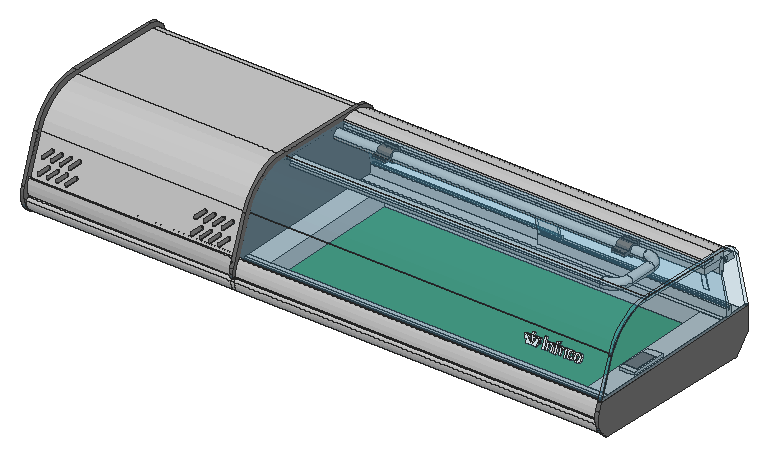
Revit family "QF_INFRICO_VSU4P_250815034131", category Specialty Equipment, Revit 2021
Family settings
  Round Connector Dimension = Use Diameter
  Part Type = Normal
  OmniClass Number = 23.40.40.14
  OmniClass Title = Food Service Equipment
  Work Plane-Based = No
  Always vertical = Yes
  Cut with Voids When Loaded = No
  Shared = No
  Room Calculation Point = No
Parameters (values of type "VSU4P")
  Weight [instance] = 0.00 kg
  Warranty Start Date [instance] = ""
  Warranty Duration [instance] = ""
  Volts [instance] = 230 V
  Volt Free Conn [instance] = no
  URL Recommended Spares List [instance] = ""
  URL Manufacturer [instance] = ""
  URL Cutsheet [instance] = ""
  URL Critical Spares List [instance] = ""
  URL = "www.infrico.com"
  Technical Documentation [instance] = ""
  Tag Number [instance] = ""
  Status [instance] = ""
  Start Up Current [instance] = 0 A
  Specification by User [instance] = ""
  Specification by Manufacturer [instance] = ""
  Sound Level [instance] = ""
  Show Logo [instance] = yes
  Show Clearances [instance] = yes
  Service Life Duration [instance] = ""
  Serial Number [instance] = ""
  Seismic Rating [instance] = ""
  SMACNA No [instance] = ""
  Revision Code [instance] = ""
  Revision [instance] = ""
  Production Year [instance] = ""
  Potential Equalisation [instance] = no
  Point Load [instance] = 0
  Phase [instance] = 1
  Other Equipment Approvals [instance] = ""
  Operational Current [instance] = 0 A
  Number of Poles [instance] = 2
  No Load Power Draw [instance] = no
  NAFEM Spec ID Number [instance] = ""
  Model Warning [instance] = ""
  Model = "VSU4P"
  Min Ckt Ampacity [instance] = 0 A
  Max Overcurrent Protection [instance] = 0 A
  Masterspec [instance] = ""
  Manufacturer = "INFRICO"
  Main switch integrated [instance] = no
  Length Actual [instance] = 1267.968 mm
  Item Number [instance] = ""
  Installed By [instance] = ""
  Installation Date [instance] = ""
  Identify Quantity as Lot [instance] = no
  ID [instance] = ""
  Hygiene Approval [instance] = ""
  Height Actual [instance] = 230.124 mm
  HP power [instance] = ""
  Furnished By [instance] = ""
  Foodservice Equipment Identifier [instance] = no
  FL Amps [instance] = 0 A
  Electrical Remarks [instance] = ""
  Electric power [instance] = 130 W
  Electric Connection Type [instance] = ""
  Elec Conn RI Height [instance] = 0 mm
  Elec Conn Connection Height [instance] = 0 mm
  ETL Approved [instance] = no
  Description = "SUSHI FISH AND SEAFOOD DISPLAY CASE - R600"
  Depth Actual [instance] = 409.956 mm
  Default Elevation = 0 mm
  Cycle [instance] = 50 Hz
  Cost = 0
  Connection to energy optimisation system [instance] = yes
  Conn Plug [instance] = ""
  Conn Conduit [instance] = no
  Centralized building control system with digital interface [instance] = ""
  CSI MasterFormat [instance] = ""
  CE Approved [instance] = no
  Barcode [instance] = 0
  Author [instance] = ""
  Asset Identifier [instance] = ""
  Apparent Power [instance] = 130 VA
  Accessory [instance] = no
Reference planes
  plane 1 "Center (Front/Back)": y = 0
  plane 2: z = 0
  plane 3 "Center (Left/Right)": x = 0
Forms (mm)
  Extrusion 1, solid, not visible
    sketch origin (1238.06, -69.503, 10) x (1, 0, 0) y (0, 1, 0)
      loop
        line (-2, 2) -> (-2, -2) -> (2, -2) -> (2, 2) -> (-2, 2)
    from -2 to 2
Dimensions and locks
  locked: nested 2 to Extrusion 1 at 2  (x2)
  aligned and locked: level to plane 2
Nested families
  nested 1: "QF_INFRICO_VSU4P_2920" at (0, 0, 0), type "VSU4P"
    with Weight 0.00 kg, Warranty Start Date "", Warranty Duration "", URL Cutsheet "", Technical Documentation "", Tag Number "", Status "", Specification by User "", Specification by Manufacturer "", Sound Level "", Solid Fuel Type "", Show Logo yes, Show Clearances yes, Show Clearance yes, Service Life Duration "", Serial Number "", Seismic Rating "", SMACNA No "", Revision Code "", Revision "", Production Year "", Point Load 0, Other Equipment Approvals "", NAFEM Spec ID Number "", Model Warning "", Masterspec "", Length Actual 1267.968 mm, Item Number "", Installed By "", Installation Date "", Identify Quantity as Lot yes, ID "", Hygiene Approval "", Height Actual 230.124 mm, Furnished By "", Foodservice Equipment Identifier yes, ETL Approved yes, Depth Actual 409.956 mm, CSI MasterFormat "", CE Approved no, Barcode "", Author "", Asset Identifier "", Accessory no
  nested 2: "CONN_POINT_ELE_2D___Generic_Annotation" at (1238.06, -69.503, 8), type "CONN_POINT_ELE_2D___Generic_Annotation"
    with Onboard connection annotation symbol visibility yes
Connectors
  electrical at (1238.06, -69.503, 8), driven by "Apparent Power", driven by "Number of Poles", driven by "Volts"
    settings: on Extrusion 1, index 1, voltage 230 V, apparent load 0 VA, apparent load phase1 130 VA, apparent load phase2 0 VA, apparent load phase3 0 VA, power factor 1, load classification "Other", number of poles 2, system type 31, power factor state 1, is connector primary yes, connector utility no, sub classification motor no, connector description "Electrical connection for VSU4P"
Definition of nested family "QF_INFRICO_VSU4P_2920"
  Parameters (values of type "VSU4P")
    Weight [instance] = 0.00 kg
    Warranty Start Date [instance] = ""
    Warranty Duration [instance] = ""
    URL Cutsheet [instance] = ""
    URL = "www.infrico.com"
    Technical Documentation [instance] = ""
    Tag Number [instance] = ""
    Status [instance] = ""
    Specification by User [instance] = ""
    Specification by Manufacturer [instance] = ""
    Sound Level [instance] = ""
    Solid Fuel Type [instance] = ""
    Show Logo [instance] = yes
    Show Clearances [instance] = yes
    Show Clearance [instance] = yes
    Service Life Duration [instance] = ""
    Serial Number [instance] = ""
    Seismic Rating [instance] = ""
    SMACNA No [instance] = ""
    Revision Code [instance] = ""
    Revision [instance] = ""
    Production Year [instance] = ""
    Point Load [instance] = 0
    Other Equipment Approvals [instance] = ""
    NAFEM Spec ID Number [instance] = ""
    Model Warning [instance] = ""
    Model = "VSU4P"
    Masterspec [instance] = ""
    Manufacturer = "INFRICO"
    Length Actual [instance] = 0 mm
    Item Number [instance] = ""
    Installed By [instance] = ""
    Installation Date [instance] = ""
    Identify Quantity as Lot [instance] = yes
    ID [instance] = ""
    Hygiene Approval [instance] = ""
    Height Actual [instance] = 0 mm
    Furnished By [instance] = ""
    Foodservice Equipment Identifier [instance] = yes
    ETL Approved [instance] = yes
    Description = "SUSHI FISH AND SEAFOOD DISPLAY CASE - R600"
    Depth Actual [instance] = 0 mm
    Default Elevation = 0 mm
    CSI MasterFormat [instance] = ""
    CE Approved [instance] = yes
    Barcode [instance] = ""
    Author [instance] = ""
    Asset Identifier [instance] = ""
    Assembly Code = "E1090320"
    Accessory [instance] = yes
  Reference planes
    plane 1 "Back": y = 0
    plane 2: z = 0
    plane 3 "Left": x = 0
    plane 4 "Right": x = 1268
    plane 5 "Front": y = -410
    plane 6 "Top": z = 230
  Forms (mm)
    Extrusion 1, solid
      sketch origin (0, 0, 0) x (0, 1, 0) y (0, 0, 1)
        loop
          arc (-36, 5) -> (-33.764, 5.528) -> (-32, 7) r 5
          line (-32, 7) -> (-1, 42)
          arc (-1, 42) -> (-0.257, 43.419) -> (0, 45) r 5
          line (0, 45) -> (0, 93) -> (-25, 203)
          arc (-25, 203) -> (-37.292, 222.429) -> (-59, 230) r 34.907
          line (-59, 230) -> (-266.176, 230)
          arc (-266.176, 230) -> (-331.51, 209.383) -> (-373.176, 155) r 113.827
          line (-373.176, 155) -> (-407.176, 61)
          arc (-407.176, 61) -> (-407.489, 29.671) -> (-388.176, 5) r 47.366
          line (-388.176, 5) -> (-36, 5)
      from 0 to 8
    Extrusion 2, solid
      sketch origin (458, 0, 0) x (0, 1, 0) y (0, 0, 1)
        loop
          line (-59, 230) -> (-266.176, 230)
          arc (-266.176, 230) -> (-331.51, 209.383) -> (-373.176, 155) r 113.827
          line (-373.176, 155) -> (-407.176, 61)
          arc (-407.176, 61) -> (-408.779, 55.576) -> (-409.723, 50) r 47.366
          arc (-409.723, 50) -> (-407.199, 42.249) -> (-399.723, 39) r 9.929
          line (-399.723, 39) -> (-362.091, 39) -> (-362.091, 5) -> (-95.091, 5) -> (-95.091, 78) -> (-58.091, 78) -> (-58.091, 85) -> (-4.091, 85) -> (-4.091, 111) -> (-25, 203)
          arc (-25, 203) -> (-37.292, 222.429) -> (-59, 230) r 34.907
      from 0 to 8
    Extrusion 3, solid
      sketch origin (0, 0, 0) x (0, 1, 0) y (0, 0, 1)
        loop
          line (-59, 221) -> (-266.176, 221)
          arc (-266.176, 221) -> (-326.388, 201.982) -> (-364.752, 151.829) r 104.827
          line (-364.752, 151.829) -> (-398, 59.909) -> (-396.119, 59.228) -> (-389.691, 77) -> (-387.723, 77) -> (-384.723, 74) -> (-379.723, 74) -> (-379.723, 49)
          arc (-379.723, 49) -> (-382.652, 41.929) -> (-389.723, 39) r 10
          line (-389.723, 39) -> (-399.723, 39)
          arc (-399.723, 39) -> (-403.098, 36.729) -> (-404.723, 33) r 7.268
          arc (-404.723, 33) -> (-399.374, 15.527) -> (-382.723, 8) r 22.18
          line (-382.723, 8) -> (-36.98, 8) -> (-4.091, 45) -> (-4.091, 85) -> (-20, 85) -> (-20, 154) -> (-30, 197)
          arc (-30, 197) -> (-40.178, 214.222) -> (-59, 221) r 29.521
      from 8 to 458
    Extrusion 4, solid
      sketch origin (0, 0, 0) x (0, 1, 0) y (0, 0, 1)
        loop
          line (-398, 77) -> (-399, 77)
          arc (-399, 77) -> (-399.594, 76.594) -> (-400, 76) r 1.947
          arc (-400, 76) -> (-402, 59) -> (-400, 42) r 73.25
          line (-400, 42) -> (-398, 42) -> (-398, 49) -> (-390, 49) -> (-390, 42) -> (-388, 42) -> (-388, 77) -> (-389, 77) -> (-390, 76) -> (-390, 57) -> (-398, 57) -> (-398, 77)
      from 8 to 458
    Extrusion 5, solid
      sketch origin (0, 0, 0) x (0, 1, 0) y (0, 0, 1)
        loop
          arc (-404.723, 33) -> (-399.374, 15.527) -> (-382.723, 8) r 22.18
          line (-382.723, 8) -> (-382.723, 10)
          arc (-382.723, 10) -> (-397.873, 16.849) -> (-402.74, 32.746) r 20.18
          arc (-402.74, 32.746) -> (-401.652, 35.337) -> (-399.386, 37) r 5.268
          line (-399.386, 37) -> (-389.723, 37)
          arc (-389.723, 37) -> (-381.238, 40.515) -> (-377.723, 49) r 12
          line (-377.723, 49) -> (-377.723, 72) -> (-369.723, 72) -> (-369.723, 63) -> (-367.723, 63) -> (-367.723, 74) -> (-379.723, 74) -> (-379.723, 49)
          arc (-379.723, 49) -> (-382.652, 41.929) -> (-389.723, 39) r 10
          line (-389.723, 39) -> (-399.723, 39)
          arc (-399.723, 39) -> (-403.098, 36.729) -> (-404.723, 33) r 7.268
      from 466 to 1260
    Extrusion 6, solid
      sketch origin (-8, 0, 0) x (0, 1, 0) y (0, 0, 1)
        loop
          arc (-404.723, 33) -> (-399.374, 15.527) -> (-382.723, 8) r 22.18
          line (-382.723, 8) -> (-382.723, 10)
          arc (-382.723, 10) -> (-397.873, 16.849) -> (-402.74, 32.746) r 20.18
          arc (-402.74, 32.746) -> (-401.652, 35.337) -> (-399.386, 37) r 5.268
          line (-399.386, 37) -> (-389.723, 37) -> (-389.723, 39) -> (-399.723, 39)
          arc (-399.723, 39) -> (-403.098, 36.729) -> (-404.723, 33) r 7.268
      from 466 to 474
    Extrusion 7, solid
      sketch origin (0, 0, 0) x (0, 1, 0) y (0, 0, 1)
        loop
          line (-379.723, 66) -> (-382.723, 66) -> (-382.723, 49)
          arc (-382.723, 49) -> (-384.774, 44.05) -> (-389.723, 42) r 7
          line (-389.723, 42) -> (-391.565, 51.238) -> (-383.884, 72.475) -> (-385.765, 73.155) -> (-392.568, 54.348) -> (-399.15, 56.729) -> (-392.346, 75.541) -> (-393.131, 76.133)
          arc (-393.131, 76.133) -> (-393.871, 76.325) -> (-394.531, 75.937) r 1
          arc (-394.531, 75.937) -> (-402.595, 60.751) -> (-405.533, 43.81) r 54.562
          line (-405.533, 43.81) -> (-404.723, 43) -> (-398.723, 43) -> (-397.723, 39) -> (-389.723, 39)
          arc (-389.723, 39) -> (-382.652, 41.929) -> (-379.723, 49) r 10
          line (-379.723, 49) -> (-379.723, 66)
      from 466 to 1260
    Extrusion 8, solid
      sketch origin (0, 0, 0) x (0, 1, 0) y (0, 0, 1)
        loop
          line (-84.091, 221) -> (-84.091, 216) -> (-109.091, 216) -> (-109.091, 210) -> (-69.091, 210) -> (-69.091, 215) -> (-62.091, 215) -> (-62.091, 210) -> (-59.091, 210) -> (-59.091, 220)
          arc (-59.091, 220) -> (-51.525, 219.498) -> (-44.091, 218) r 57.25
          line (-44.091, 218) -> (-36.091, 211) -> (-34.774, 212.505)
          arc (-34.774, 212.505) -> (-54.577, 225.298) -> (-77.774, 229.505) r 60.199
          arc (-77.774, 229.505) -> (-93.946, 228.105) -> (-109.774, 224.505) r 118.311
          line (-109.774, 224.505) -> (-109.774, 221) -> (-84.091, 221)
      from 466 to 1260
    Extrusion 9, solid
      sketch origin (0, 0, 0) x (0, 1, 0) y (0, 0, 1)
        loop
          line (-84.091, 221) -> (-266.176, 221)
          arc (-266.176, 221) -> (-326.388, 201.982) -> (-364.752, 151.829) r 104.827
          line (-364.752, 151.829) -> (-399.15, 56.729) -> (-394.448, 55.028) -> (-360.05, 150.128)
          arc (-360.05, 150.128) -> (-323.516, 197.889) -> (-266.176, 216) r 99.827
          line (-266.176, 216) -> (-84.091, 216) -> (-84.091, 221)
      from 466 to 1260
    Extrusion 10, solid
      sketch origin (0, 0, 0) x (0, 1, 0) y (0, 0, 1)
        loop
          line (-110.091, 210) -> (-108.466, 197) -> (-66.091, 197) -> (-66.091, 198) -> (-68.091, 198) -> (-69.091, 199) -> (-69.091, 207) -> (-58.091, 207) -> (-58.091, 199) -> (-59.091, 198) -> (-61.091, 198) -> (-61.091, 197) -> (-53.091, 197) -> (-53.091, 198) -> (-55.091, 198) -> (-56.091, 199) -> (-56.091, 207) -> (-45.091, 207) -> (-45.091, 199) -> (-46.091, 198) -> (-48.091, 198) -> (-48.091, 197) -> (-31.091, 197) -> (-33.091, 210) -> (-110.091, 210)
      from 466 to 1260
    Extrusion 11, solid
      sketch origin (0, 500, 0) x (0, 1, 0) y (0, 0, 1)
        loop
          line (-504.091, 85) -> (-558.091, 85) -> (-558.091, 10) -> (-882.723, 10) -> (-882.723, 8) -> (-536.98, 8) -> (-504.091, 45) -> (-504.091, 85)
      from 466 to 1260
    Extrusion 12, solid
      sketch origin (466, 500, 0) x (0, 1, 0) y (0, 0, 1)
        loop
          line (-558.091, 85) -> (-867.723, 74) -> (-867.723, 10) -> (-558.091, 10) -> (-558.091, 85)
      from 0 to 50
    Extrusion 13, solid
      sketch origin (1210, 500, 0) x (0, 1, 0) y (0, 0, 1)
        loop
          line (-558.091, 85) -> (-867.723, 74) -> (-867.723, 10) -> (-558.091, 10) -> (-558.091, 85)
      from 0 to 50
    Extrusion 14, solid
      sketch origin (0, 500, 0) x (0, 1, 0) y (0, 0, 1)
        loop
          line (-558.091, 47) -> (-558.091, 49) -> (-867.723, 38) -> (-867.723, 36) -> (-558.091, 47)
      from 516 to 1210
    Extrusion 15, solid
      sketch origin (466, -500, 0) x (0, 1, 0) y (0, 0, 1)
        loop
          line (453.909, 198) -> (453.909, 206) -> (444.909, 206) -> (444.909, 198) -> (446.909, 198) -> (446.909, 197) -> (444.409, 197) -> (444.409, 181) -> (446.409, 181) -> (446.409, 187) -> (452.409, 187) -> (452.409, 181) -> (454.409, 181) -> (454.409, 197) -> (451.909, 197) -> (451.909, 198) -> (453.909, 198)
      from 0 to 415
    Extrusion 16, solid
      sketch origin (845, -513, 0) x (0, 1, 0) y (0, 0, 1)
        loop
          line (453.909, 198) -> (453.909, 206) -> (444.909, 206) -> (444.909, 198) -> (446.909, 198) -> (446.909, 197) -> (444.409, 197) -> (444.409, 181) -> (446.409, 181) -> (446.409, 187) -> (452.409, 187) -> (452.409, 181) -> (454.409, 181) -> (454.409, 197) -> (451.909, 197) -> (451.909, 198) -> (453.909, 198)
      from 0 to 415
    Extrusion 17, solid
      sketch origin (845, -493, 286) x (0, 1, 0) y (0, 0, 1)
        loop
          line (454.409, -201) -> (454.409, -181) -> (452.409, -181) -> (452.409, -187) -> (446.409, -187) -> (446.409, -181) -> (444.409, -181) -> (444.409, -201) -> (454.409, -201)
      from 0 to 415
    Extrusion 18, solid
      sketch origin (0, -500, 0) x (0, 1, 0) y (0, 0, 1)
        loop
          line (472.409, 101.654) -> (451.257, 185.55) -> (446.409, 184.328) -> (467.561, 100.432) -> (472.409, 101.654)
      from 841 to 881
    Extrusion 19, solid
      sketch origin (379, -513, 0) x (0, 1, 0) y (0, 0, 1)
        loop
          line (472.409, 101.654) -> (451.257, 185.55) -> (446.409, 184.328) -> (467.561, 100.432) -> (472.409, 101.654)
      from 466 to 829
    Extrusion 20, solid
      sketch origin (829, 0, 0) x (0, 1, 0) y (0, 0, 1)
        loop
          line (-48.743, 185.55) -> (-53.591, 184.328) -> (-32.439, 100.432) -> (-27.591, 101.654) -> (-33.277, 124.209)
          arc (-33.277, 124.209) -> (-40.106, 143.113) -> (-43.056, 162.995) r 101
          line (-43.056, 162.995) -> (-48.743, 185.55)
      from 0 to 12
    Extrusion 21, solid
      sketch origin (-52, -500, 0) x (0, 1, 0) y (0, 0, 1)
        loop
          line (472.409, 101.654) -> (451.257, 185.55) -> (446.409, 184.328) -> (467.561, 100.432) -> (472.409, 101.654)
      from 518 to 881
    Extrusion 22, solid
      sketch origin (1208, -13, 0) x (0, 1, 0) y (0, 0, 1)
        loop
          line (-48.743, 185.55) -> (-53.591, 184.328) -> (-32.439, 100.432) -> (-27.591, 101.654) -> (-33.277, 124.209)
          arc (-33.277, 124.209) -> (-40.106, 143.113) -> (-43.056, 162.995) r 101
          line (-43.056, 162.995) -> (-48.743, 185.55)
      from 0 to 12
    Extrusion 23, solid
      sketch origin (754, -513, 0) x (0, 1, 0) y (0, 0, 1)
        loop
          line (472.409, 101.654) -> (451.257, 185.55) -> (446.409, 184.328) -> (467.561, 100.432) -> (472.409, 101.654)
      from 466 to 506
    Extrusion 24, solid
      sketch origin (1260, 0, 0) x (0, 1, 0) y (0, 0, 1)
        loop
          arc (-36, 5) -> (-33.764, 5.528) -> (-32, 7) r 5
          line (-32, 7) -> (-1, 42)
          arc (-1, 42) -> (-0.257, 43.419) -> (0, 45) r 5
          line (0, 45) -> (0, 91) -> (-401.389, 77) -> (-407.176, 61)
          arc (-407.176, 61) -> (-407.489, 29.671) -> (-388.176, 5) r 47.366
          line (-388.176, 5) -> (-36, 5)
      from 0 to 8
    Extrusion 25, solid
      sketch origin (0, -500, 0) x (0, 1, 0) y (0, 0, 1)
        loop
          line (500, 91) -> (500, 93) -> (475, 203)
          arc (475, 203) -> (462.708, 222.429) -> (441, 230) r 34.907
          line (441, 230) -> (233.824, 230)
          arc (233.824, 230) -> (168.49, 209.383) -> (126.824, 155) r 113.827
          line (126.824, 155) -> (98.611, 77) -> (500, 91)
      from 1260 to 1268
    Extrusion 26, solid, visible <- "Show Logo"
      sketch origin (-85.231, -613.278, -535.272) x (1, 0, 0) y (0, 0.340136, 0.940376)
        loop
          line (1208.799, 696.53) -> (1208.799, 719.204) -> (1204.173, 719.204) -> (1204.173, 696.53) -> (1208.799, 696.53)
        loop
          line (1214.779, 713.006) -> (1211.283, 713.006) -> (1211.283, 696.53) -> (1215.772, 696.53) -> (1215.772, 707.832)
          arc (1215.772, 707.832) -> (1217.528, 708.741) -> (1219.417, 709.324) r 11.052
          arc (1219.417, 709.324) -> (1220.929, 708.961) -> (1221.598, 707.557) r 1.806
          line (1221.598, 707.557) -> (1221.598, 696.53) -> (1226.121, 696.53) -> (1226.121, 708.689)
          arc (1226.121, 708.689) -> (1224.637, 712.075) -> (1221.141, 713.281) r 4.607
          arc (1221.141, 713.281) -> (1218.282, 712.674) -> (1215.669, 711.361) r 11.435
          line (1215.669, 711.361) -> (1215.601, 712.184)
          arc (1215.601, 712.184) -> (1215.36, 712.765) -> (1214.779, 713.006) r 0.822
        loop
          line (1238.557, 720.102) -> (1237.306, 720.102)
          arc (1237.306, 720.102) -> (1235.052, 719.926) -> (1232.881, 719.297) r 11.103
          arc (1232.881, 719.297) -> (1230.805, 717.616) -> (1230.024, 715.062) r 4.567
          line (1230.024, 715.062) -> (1230.024, 712.909) -> (1227.351, 712.703) -> (1227.351, 709.374) -> (1230.024, 709.374) -> (1230.024, 696.53) -> (1234.547, 696.53) -> (1234.547, 709.374) -> (1238.249, 709.374) -> (1238.249, 712.938) -> (1234.547, 712.938) -> (1234.547, 714.548)
          arc (1234.547, 714.548) -> (1234.956, 715.705) -> (1236.045, 716.271) r 1.67
          line (1236.045, 716.271) -> (1237.7, 716.399)
          arc (1237.7, 716.399) -> (1238.306, 716.65) -> (1238.557, 717.255) r 0.857
          line (1238.557, 717.255) -> (1238.557, 720.102)
        loop
          line (1239.479, 713.006) -> (1239.479, 696.53) -> (1243.968, 696.53) -> (1243.968, 707.352)
          arc (1243.968, 707.352) -> (1245.873, 708.631) -> (1248.077, 709.268) r 7.435
          line (1248.077, 709.268) -> (1249.241, 709.416)
          arc (1249.241, 709.416) -> (1249.643, 709.758) -> (1249.793, 710.265) r 0.928
          line (1249.793, 710.265) -> (1249.793, 712.458)
          arc (1249.793, 712.458) -> (1249.531, 713.061) -> (1248.912, 713.28) r 0.824
          arc (1248.912, 713.28) -> (1246.197, 712.588) -> (1243.899, 710.984) r 7.833
          line (1243.899, 710.984) -> (1243.726, 713.006) -> (1239.479, 713.006)
        loop
          line (1255.495, 696.53) -> (1255.495, 713.006) -> (1251.006, 713.006) -> (1251.006, 696.53) -> (1255.495, 696.53)
        loop
          arc (1257.421, 701.327) -> (1258.567, 698.188) -> (1261.466, 696.525) r 4.873
          arc (1261.466, 696.525) -> (1264.493, 696.266) -> (1267.521, 696.525) r 17.816
          arc (1267.521, 696.525) -> (1270.575, 699.134) -> (1271.505, 703.041) r 6.481
          line (1271.505, 703.041) -> (1267.187, 703.041) -> (1267.187, 701.67)
          arc (1267.187, 701.67) -> (1266.64, 700.452) -> (1265.442, 699.865) r 1.965
          arc (1265.442, 699.865) -> (1264.547, 699.816) -> (1263.653, 699.865) r 8.196
          arc (1263.653, 699.865) -> (1262.417, 700.415) -> (1261.91, 701.67) r 1.806
          line (1261.91, 701.67) -> (1261.91, 707.9)
          arc (1261.91, 707.9) -> (1262.417, 709.155) -> (1263.653, 709.705) r 1.806
          arc (1263.653, 709.705) -> (1264.547, 709.754) -> (1265.442, 709.705) r 8.196
          arc (1265.442, 709.705) -> (1266.64, 709.118) -> (1267.187, 707.9) r 1.965
          line (1267.187, 707.9) -> (1267.187, 706.838) -> (1271.505, 706.838)
          arc (1271.505, 706.838) -> (1270.524, 710.556) -> (1267.521, 712.959) r 6.132
          arc (1267.521, 712.959) -> (1264.493, 713.294) -> (1261.466, 712.959) r 13.851
          arc (1261.466, 712.959) -> (1258.571, 711.349) -> (1257.421, 708.243) r 4.772
          line (1257.421, 708.243) -> (1257.421, 701.327)
        loop
          arc (1272.916, 701.329) -> (1273.993, 698.345) -> (1276.726, 696.734) r 4.676
          arc (1276.726, 696.734) -> (1278.515, 696.455) -> (1280.318, 696.291) r 28.371
          arc (1280.318, 696.291) -> (1282.122, 696.455) -> (1283.911, 696.734) r 28.371
          arc (1283.911, 696.734) -> (1286.644, 698.345) -> (1287.72, 701.329) r 4.676
          line (1287.72, 701.329) -> (1287.72, 708.242)
          arc (1287.72, 708.242) -> (1286.644, 711.226) -> (1283.911, 712.837) r 4.676
          arc (1283.911, 712.837) -> (1282.122, 713.116) -> (1280.318, 713.28) r 28.371
          arc (1280.318, 713.28) -> (1278.515, 713.116) -> (1276.726, 712.837) r 28.371
          arc (1276.726, 712.837) -> (1273.993, 711.226) -> (1272.916, 708.242) r 4.676
          line (1272.916, 708.242) -> (1272.916, 701.329)
        loop
          line (1277.405, 707.866) -> (1277.405, 701.705)
          arc (1277.405, 701.705) -> (1277.844, 700.556) -> (1278.936, 699.991) r 1.725
          arc (1278.936, 699.991) -> (1279.627, 699.918) -> (1280.318, 699.856) r 46.133
          arc (1280.318, 699.856) -> (1281.01, 699.918) -> (1281.701, 699.991) r 46.133
          arc (1281.701, 699.991) -> (1282.793, 700.556) -> (1283.231, 701.705) r 1.725
          line (1283.231, 701.705) -> (1283.231, 707.866)
          arc (1283.231, 707.866) -> (1282.793, 709.015) -> (1281.701, 709.58) r 1.725
          arc (1281.701, 709.58) -> (1281.01, 709.653) -> (1280.318, 709.716) r 46.133
          arc (1280.318, 709.716) -> (1279.627, 709.653) -> (1278.936, 709.58) r 46.133
          arc (1278.936, 709.58) -> (1277.844, 709.015) -> (1277.405, 707.866) r 1.725
        loop
          arc (1190.339, 696.543) -> (1191.411, 696.987) -> (1191.856, 698.059) r 1.516
          line (1191.856, 698.059) -> (1191.856, 703.891) -> (1196.035, 703.891)
          arc (1196.035, 703.891) -> (1196.79, 704.121) -> (1197.218, 704.782) r 1.147
          line (1197.218, 704.782) -> (1197.218, 706.211)
          arc (1197.218, 706.211) -> (1196.787, 707.258) -> (1195.719, 707.634) r 1.385
          line (1195.719, 707.634) -> (1194.52, 707.634) -> (1197.218, 710.332)
          arc (1197.218, 710.332) -> (1197.605, 711.266) -> (1197.218, 712.2) r 1.321
          line (1197.218, 712.2) -> (1196.495, 712.923)
          arc (1196.495, 712.923) -> (1195.54, 713.338) -> (1194.558, 712.991) r 1.422
          line (1194.558, 712.991) -> (1191.853, 710.286) -> (1191.853, 711.479)
          arc (1191.853, 711.479) -> (1191.443, 712.516) -> (1190.435, 712.992) r 1.516
          line (1190.435, 712.992) -> (1189.514, 712.992)
          arc (1189.514, 712.992) -> (1188.511, 712.514) -> (1188.103, 711.479) r 1.516
          line (1188.103, 711.479) -> (1188.103, 706.83) -> (1182.073, 701.336) -> (1182.073, 707.509) -> (1185.639, 711.075)
          arc (1185.639, 711.075) -> (1186.053, 712.073) -> (1185.639, 713.071) r 1.412
          line (1185.639, 713.071) -> (1184.987, 713.723)
          arc (1184.987, 713.723) -> (1183.939, 714.141) -> (1182.915, 713.667) r 1.428
          line (1182.915, 713.667) -> (1182.073, 712.825) -> (1182.073, 717.784)
          arc (1182.073, 717.784) -> (1181.658, 718.787) -> (1180.655, 719.203) r 1.418
          line (1180.655, 719.203) -> (1179.726, 719.203)
          arc (1179.726, 719.203) -> (1178.723, 718.787) -> (1178.308, 717.784) r 1.418
          line (1178.308, 717.784) -> (1178.308, 712.825) -> (1177.466, 713.667)
          arc (1177.466, 713.667) -> (1176.442, 714.141) -> (1175.394, 713.723) r 1.428
          line (1175.394, 713.723) -> (1174.742, 713.071)
          arc (1174.742, 713.071) -> (1174.328, 712.073) -> (1174.742, 711.075) r 1.412
          line (1174.742, 711.075) -> (1178.308, 707.509) -> (1178.308, 701.336) -> (1172.278, 706.83) -> (1172.278, 711.479)
          arc (1172.278, 711.479) -> (1171.87, 712.514) -> (1170.867, 712.992) r 1.516
          line (1170.867, 712.992) -> (1169.946, 712.992)
          arc (1169.946, 712.992) -> (1168.938, 712.516) -> (1168.528, 711.479) r 1.516
          line (1168.528, 711.479) -> (1168.528, 710.286) -> (1165.823, 712.991)
          arc (1165.823, 712.991) -> (1164.841, 713.338) -> (1163.886, 712.923) r 1.422
          line (1163.886, 712.923) -> (1163.163, 712.2)
          arc (1163.163, 712.2) -> (1162.776, 711.266) -> (1163.163, 710.332) r 1.321
          line (1163.163, 710.332) -> (1165.861, 707.634) -> (1164.662, 707.634)
          arc (1164.662, 707.634) -> (1163.594, 707.258) -> (1163.163, 706.211) r 1.385
          line (1163.163, 706.211) -> (1163.163, 704.782)
          arc (1163.163, 704.782) -> (1163.591, 704.121) -> (1164.346, 703.891) r 1.147
          line (1164.346, 703.891) -> (1168.525, 703.891) -> (1168.525, 698.059)
          arc (1168.525, 698.059) -> (1168.969, 696.987) -> (1170.042, 696.543) r 1.516
          line (1170.042, 696.543) -> (1190.339, 696.543)
      from 0 to 2
    Extrusion 27, solid
      sketch origin (0, -19.9, -42) x (1, 0, 0) y (0, 0, 1)
        loop
          arc (425.444, 156.95) -> (420.494, 156.95) -> (420.494, 152) r 3.5
          line (420.494, 152) -> (436.05, 136.444)
          arc (436.05, 136.444) -> (441, 136.444) -> (441, 141.393) r 3.5
          line (441, 141.393) -> (425.444, 156.95)
        loop
          arc (405.444, 156.95) -> (400.494, 156.95) -> (400.494, 152) r 3.5
          line (400.494, 152) -> (416.05, 136.444)
          arc (416.05, 136.444) -> (421, 136.444) -> (421, 141.393) r 3.5
          line (421, 141.393) -> (405.444, 156.95)
        loop
          arc (385.444, 156.95) -> (380.494, 156.95) -> (380.494, 152) r 3.5
          line (380.494, 152) -> (396.05, 136.444)
          arc (396.05, 136.444) -> (401, 136.444) -> (401, 141.393) r 3.5
          line (401, 141.393) -> (385.444, 156.95)
        loop
          arc (365.444, 156.95) -> (360.494, 156.95) -> (360.494, 152) r 3.5
          line (360.494, 152) -> (376.05, 136.444)
          arc (376.05, 136.444) -> (381, 136.444) -> (381, 141.393) r 3.5
          line (381, 141.393) -> (365.444, 156.95)
        loop
          arc (345.444, 156.95) -> (340.494, 156.95) -> (340.494, 152) r 3.5
          line (340.494, 152) -> (356.05, 136.444)
          arc (356.05, 136.444) -> (361, 136.444) -> (361, 141.393) r 3.5
          line (361, 141.393) -> (345.444, 156.95)
        loop
          arc (325.444, 156.95) -> (320.494, 156.95) -> (320.494, 152) r 3.5
          line (320.494, 152) -> (336.05, 136.444)
          arc (336.05, 136.444) -> (341, 136.444) -> (341, 141.393) r 3.5
          line (341, 141.393) -> (325.444, 156.95)
        loop
          arc (425.444, 186.95) -> (420.494, 186.95) -> (420.494, 182) r 3.5
          line (420.494, 182) -> (436.05, 166.444)
          arc (436.05, 166.444) -> (441, 166.444) -> (441, 171.393) r 3.5
          line (441, 171.393) -> (425.444, 186.95)
        loop
          arc (405.444, 186.95) -> (400.494, 186.95) -> (400.494, 182) r 3.5
          line (400.494, 182) -> (416.05, 166.444)
          arc (416.05, 166.444) -> (421, 166.444) -> (421, 171.393) r 3.5
          line (421, 171.393) -> (405.444, 186.95)
        loop
          arc (385.444, 186.95) -> (380.494, 186.95) -> (380.494, 182) r 3.5
          line (380.494, 182) -> (396.05, 166.444)
          arc (396.05, 166.444) -> (401, 166.444) -> (401, 171.393) r 3.5
          line (401, 171.393) -> (385.444, 186.95)
        loop
          arc (365.444, 186.95) -> (360.494, 186.95) -> (360.494, 182) r 3.5
          line (360.494, 182) -> (376.05, 166.444)
          arc (376.05, 166.444) -> (381, 166.444) -> (381, 171.393) r 3.5
          line (381, 171.393) -> (365.444, 186.95)
        loop
          arc (345.444, 186.95) -> (340.494, 186.95) -> (340.494, 182) r 3.5
          line (340.494, 182) -> (356.05, 166.444)
          arc (356.05, 166.444) -> (361, 166.444) -> (361, 171.393) r 3.5
          line (361, 171.393) -> (345.444, 186.95)
        loop
          arc (325.444, 186.95) -> (320.494, 186.95) -> (320.494, 182) r 3.5
          line (320.494, 182) -> (336.05, 166.444)
          arc (336.05, 166.444) -> (341, 166.444) -> (341, 171.393) r 3.5
          line (341, 171.393) -> (325.444, 186.95)
        loop
          arc (250.444, 156.95) -> (245.494, 156.95) -> (245.494, 152) r 3.5
          line (245.494, 152) -> (261.05, 136.444)
          arc (261.05, 136.444) -> (266, 136.444) -> (266, 141.393) r 3.5
          line (266, 141.393) -> (250.444, 156.95)
        loop
          arc (250.444, 186.95) -> (245.494, 186.95) -> (245.494, 182) r 3.5
          line (245.494, 182) -> (261.05, 166.444)
          arc (261.05, 166.444) -> (266, 166.444) -> (266, 171.393) r 3.5
          line (266, 171.393) -> (250.444, 186.95)
        loop
          arc (230.444, 156.95) -> (225.494, 156.95) -> (225.494, 152) r 3.5
          line (225.494, 152) -> (241.05, 136.444)
          arc (241.05, 136.444) -> (246, 136.444) -> (246, 141.393) r 3.5
          line (246, 141.393) -> (230.444, 156.95)
        loop
          arc (230.444, 186.95) -> (225.494, 186.95) -> (225.494, 182) r 3.5
          line (225.494, 182) -> (241.05, 166.444)
          arc (241.05, 166.444) -> (246, 166.444) -> (246, 171.393) r 3.5
          line (246, 171.393) -> (230.444, 186.95)
        loop
          arc (210.444, 156.95) -> (205.494, 156.95) -> (205.494, 152) r 3.5
          line (205.494, 152) -> (221.05, 136.444)
          arc (221.05, 136.444) -> (226, 136.444) -> (226, 141.393) r 3.5
          line (226, 141.393) -> (210.444, 156.95)
        loop
          arc (210.444, 186.95) -> (205.494, 186.95) -> (205.494, 182) r 3.5
          line (205.494, 182) -> (221.05, 166.444)
          arc (221.05, 166.444) -> (226, 166.444) -> (226, 171.393) r 3.5
          line (226, 171.393) -> (210.444, 186.95)
        loop
          arc (70.444, 156.95) -> (65.494, 156.95) -> (65.494, 152) r 3.5
          line (65.494, 152) -> (81.05, 136.444)
          arc (81.05, 136.444) -> (86, 136.444) -> (86, 141.393) r 3.5
          line (86, 141.393) -> (70.444, 156.95)
        loop
          arc (70.444, 186.95) -> (65.494, 186.95) -> (65.494, 182) r 3.5
          line (65.494, 182) -> (81.05, 166.444)
          arc (81.05, 166.444) -> (86, 166.444) -> (86, 171.393) r 3.5
          line (86, 171.393) -> (70.444, 186.95)
        loop
          arc (50.444, 156.95) -> (45.494, 156.95) -> (45.494, 152) r 3.5
          line (45.494, 152) -> (61.05, 136.444)
          arc (61.05, 136.444) -> (66, 136.444) -> (66, 141.393) r 3.5
          line (66, 141.393) -> (50.444, 156.95)
        loop
          arc (50.444, 186.95) -> (45.494, 186.95) -> (45.494, 182) r 3.5
          line (45.494, 182) -> (61.05, 166.444)
          arc (61.05, 166.444) -> (66, 166.444) -> (66, 171.393) r 3.5
          line (66, 171.393) -> (50.444, 186.95)
        loop
          arc (30.444, 156.95) -> (25.494, 156.95) -> (25.494, 152) r 3.5
          line (25.494, 152) -> (41.05, 136.444)
          arc (41.05, 136.444) -> (46, 136.444) -> (46, 141.393) r 3.5
          line (46, 141.393) -> (30.444, 156.95)
        loop
          arc (30.444, 186.95) -> (25.494, 186.95) -> (25.494, 182) r 3.5
          line (25.494, 182) -> (41.05, 166.444)
          arc (41.05, 166.444) -> (46, 166.444) -> (46, 171.393) r 3.5
          line (46, 171.393) -> (30.444, 186.95)
        loop
          arc (130.444, 156.95) -> (125.494, 156.95) -> (125.494, 152) r 3.5
          line (125.494, 152) -> (141.05, 136.444)
          arc (141.05, 136.444) -> (146, 136.444) -> (146, 141.393) r 3.5
          line (146, 141.393) -> (130.444, 156.95)
        loop
          arc (130.444, 186.95) -> (125.494, 186.95) -> (125.494, 182) r 3.5
          line (125.494, 182) -> (141.05, 166.444)
          arc (141.05, 166.444) -> (146, 166.444) -> (146, 171.393) r 3.5
          line (146, 171.393) -> (130.444, 186.95)
        loop
          arc (110.444, 156.95) -> (105.494, 156.95) -> (105.494, 152) r 3.5
          line (105.494, 152) -> (121.05, 136.444)
          arc (121.05, 136.444) -> (126, 136.444) -> (126, 141.393) r 3.5
          line (126, 141.393) -> (110.444, 156.95)
        loop
          arc (110.444, 186.95) -> (105.494, 186.95) -> (105.494, 182) r 3.5
          line (105.494, 182) -> (121.05, 166.444)
          arc (121.05, 166.444) -> (126, 166.444) -> (126, 171.393) r 3.5
          line (126, 171.393) -> (110.444, 186.95)
        loop
          arc (90.444, 156.95) -> (85.494, 156.95) -> (85.494, 152) r 3.5
          line (85.494, 152) -> (101.05, 136.444)
          arc (101.05, 136.444) -> (106, 136.444) -> (106, 141.393) r 3.5
          line (106, 141.393) -> (90.444, 156.95)
        loop
          arc (90.444, 186.95) -> (85.494, 186.95) -> (85.494, 182) r 3.5
          line (85.494, 182) -> (101.05, 166.444)
          arc (101.05, 166.444) -> (106, 166.444) -> (106, 171.393) r 3.5
          line (106, 171.393) -> (90.444, 186.95)
      from 0 to 2
    Extrusion 28, solid
      sketch origin (0, 14.914, 4.3) x (1, 0, 0) y (0, -0.226513, 0.974008)
        loop
          arc (425.444, 186.95) -> (420.494, 186.95) -> (420.494, 182) r 3.5
          line (420.494, 182) -> (436.05, 166.444)
          arc (436.05, 166.444) -> (441, 166.444) -> (441, 171.393) r 3.5
          line (441, 171.393) -> (425.444, 186.95)
        loop
          arc (405.444, 186.95) -> (400.494, 186.95) -> (400.494, 182) r 3.5
          line (400.494, 182) -> (416.05, 166.444)
          arc (416.05, 166.444) -> (421, 166.444) -> (421, 171.393) r 3.5
          line (421, 171.393) -> (405.444, 186.95)
        loop
          arc (385.444, 186.95) -> (380.494, 186.95) -> (380.494, 182) r 3.5
          line (380.494, 182) -> (396.05, 166.444)
          arc (396.05, 166.444) -> (401, 166.444) -> (401, 171.393) r 3.5
          line (401, 171.393) -> (385.444, 186.95)
        loop
          arc (365.444, 186.95) -> (360.494, 186.95) -> (360.494, 182) r 3.5
          line (360.494, 182) -> (376.05, 166.444)
          arc (376.05, 166.444) -> (381, 166.444) -> (381, 171.393) r 3.5
          line (381, 171.393) -> (365.444, 186.95)
        loop
          arc (345.444, 186.95) -> (340.494, 186.95) -> (340.494, 182) r 3.5
          line (340.494, 182) -> (356.05, 166.444)
          arc (356.05, 166.444) -> (361, 166.444) -> (361, 171.393) r 3.5
          line (361, 171.393) -> (345.444, 186.95)
        loop
          arc (325.444, 186.95) -> (320.494, 186.95) -> (320.494, 182) r 3.5
          line (320.494, 182) -> (336.05, 166.444)
          arc (336.05, 166.444) -> (341, 166.444) -> (341, 171.393) r 3.5
          line (341, 171.393) -> (325.444, 186.95)
        loop
          arc (250.444, 186.95) -> (245.494, 186.95) -> (245.494, 182) r 3.5
          line (245.494, 182) -> (261.05, 166.444)
          arc (261.05, 166.444) -> (266, 166.444) -> (266, 171.393) r 3.5
          line (266, 171.393) -> (250.444, 186.95)
        loop
          arc (230.444, 186.95) -> (225.494, 186.95) -> (225.494, 182) r 3.5
          line (225.494, 182) -> (241.05, 166.444)
          arc (241.05, 166.444) -> (246, 166.444) -> (246, 171.393) r 3.5
          line (246, 171.393) -> (230.444, 186.95)
        loop
          arc (210.444, 186.95) -> (205.494, 186.95) -> (205.494, 182) r 3.5
          line (205.494, 182) -> (221.05, 166.444)
          arc (221.05, 166.444) -> (226, 166.444) -> (226, 171.393) r 3.5
          line (226, 171.393) -> (210.444, 186.95)
        loop
          arc (70.444, 186.95) -> (65.494, 186.95) -> (65.494, 182) r 3.5
          line (65.494, 182) -> (81.05, 166.444)
          arc (81.05, 166.444) -> (86, 166.444) -> (86, 171.393) r 3.5
          line (86, 171.393) -> (70.444, 186.95)
        loop
          arc (50.444, 186.95) -> (45.494, 186.95) -> (45.494, 182) r 3.5
          line (45.494, 182) -> (61.05, 166.444)
          arc (61.05, 166.444) -> (66, 166.444) -> (66, 171.393) r 3.5
          line (66, 171.393) -> (50.444, 186.95)
        loop
          arc (30.444, 186.95) -> (25.494, 186.95) -> (25.494, 182) r 3.5
          line (25.494, 182) -> (41.05, 166.444)
          arc (41.05, 166.444) -> (46, 166.444) -> (46, 171.393) r 3.5
          line (46, 171.393) -> (30.444, 186.95)
        loop
          arc (130.444, 186.95) -> (125.494, 186.95) -> (125.494, 182) r 3.5
          line (125.494, 182) -> (141.05, 166.444)
          arc (141.05, 166.444) -> (146, 166.444) -> (146, 171.393) r 3.5
          line (146, 171.393) -> (130.444, 186.95)
        loop
          arc (110.444, 186.95) -> (105.494, 186.95) -> (105.494, 182) r 3.5
          line (105.494, 182) -> (121.05, 166.444)
          arc (121.05, 166.444) -> (126, 166.444) -> (126, 171.393) r 3.5
          line (126, 171.393) -> (110.444, 186.95)
        loop
          arc (90.444, 186.95) -> (85.494, 186.95) -> (85.494, 182) r 3.5
          line (85.494, 182) -> (101.05, 166.444)
          arc (101.05, 166.444) -> (106, 166.444) -> (106, 171.393) r 3.5
          line (106, 171.393) -> (90.444, 186.95)
      from 0 to 2
    Extrusion 29, solid
      sketch origin (0, -429.349, -32.367) x (1, 0, 0) y (0, 0.340136, 0.940376)
        loop
          line (393.05, 141.95) -> (377.494, 126.393)
          arc (377.494, 126.393) -> (377.494, 121.444) -> (382.444, 121.444) r 3.5
          line (382.444, 121.444) -> (398, 137)
          arc (398, 137) -> (398, 141.95) -> (393.05, 141.95) r 3.5
        loop
          line (393.05, 171.95) -> (377.494, 156.393)
          arc (377.494, 156.393) -> (377.494, 151.444) -> (382.444, 151.444) r 3.5
          line (382.444, 151.444) -> (398, 167)
          arc (398, 167) -> (398, 171.95) -> (393.05, 171.95) r 3.5
        loop
          line (413.05, 141.95) -> (397.494, 126.393)
          arc (397.494, 126.393) -> (397.494, 121.444) -> (402.444, 121.444) r 3.5
          line (402.444, 121.444) -> (418, 137)
          arc (418, 137) -> (418, 141.95) -> (413.05, 141.95) r 3.5
        loop
          line (413.05, 171.95) -> (397.494, 156.393)
          arc (397.494, 156.393) -> (397.494, 151.444) -> (402.444, 151.444) r 3.5
          line (402.444, 151.444) -> (418, 167)
          arc (418, 167) -> (418, 171.95) -> (413.05, 171.95) r 3.5
        loop
          line (433.05, 141.95) -> (417.494, 126.393)
          arc (417.494, 126.393) -> (417.494, 121.444) -> (422.444, 121.444) r 3.5
          line (422.444, 121.444) -> (438, 137)
          arc (438, 137) -> (438, 141.95) -> (433.05, 141.95) r 3.5
        loop
          line (433.05, 171.95) -> (417.494, 156.393)
          arc (417.494, 156.393) -> (417.494, 151.444) -> (422.444, 151.444) r 3.5
          line (422.444, 151.444) -> (438, 167)
          arc (438, 167) -> (438, 171.95) -> (433.05, 171.95) r 3.5
        loop
          line (373.05, 141.95) -> (357.494, 126.393)
          arc (357.494, 126.393) -> (357.494, 121.444) -> (362.444, 121.444) r 3.5
          line (362.444, 121.444) -> (378, 137)
          arc (378, 137) -> (378, 141.95) -> (373.05, 141.95) r 3.5
        loop
          line (373.05, 171.95) -> (357.494, 156.393)
          arc (357.494, 156.393) -> (357.494, 151.444) -> (362.444, 151.444) r 3.5
          line (362.444, 151.444) -> (378, 167)
          arc (378, 167) -> (378, 171.95) -> (373.05, 171.95) r 3.5
        loop
          line (58.05, 141.95) -> (42.494, 126.393)
          arc (42.494, 126.393) -> (42.494, 121.444) -> (47.444, 121.444) r 3.5
          line (47.444, 121.444) -> (63, 137)
          arc (63, 137) -> (63, 141.95) -> (58.05, 141.95) r 3.5
        loop
          line (58.05, 171.95) -> (42.494, 156.393)
          arc (42.494, 156.393) -> (42.494, 151.444) -> (47.444, 151.444) r 3.5
          line (47.444, 151.444) -> (63, 167)
          arc (63, 167) -> (63, 171.95) -> (58.05, 171.95) r 3.5
        loop
          line (78.05, 141.95) -> (62.494, 126.393)
          arc (62.494, 126.393) -> (62.494, 121.444) -> (67.444, 121.444) r 3.5
          line (67.444, 121.444) -> (83, 137)
          arc (83, 137) -> (83, 141.95) -> (78.05, 141.95) r 3.5
        loop
          line (78.05, 171.95) -> (62.494, 156.393)
          arc (62.494, 156.393) -> (62.494, 151.444) -> (67.444, 151.444) r 3.5
          line (67.444, 151.444) -> (83, 167)
          arc (83, 167) -> (83, 171.95) -> (78.05, 171.95) r 3.5
        loop
          line (98.05, 141.95) -> (82.494, 126.393)
          arc (82.494, 126.393) -> (82.494, 121.444) -> (87.444, 121.444) r 3.5
          line (87.444, 121.444) -> (103, 137)
          arc (103, 137) -> (103, 141.95) -> (98.05, 141.95) r 3.5
        loop
          line (98.05, 171.95) -> (82.494, 156.393)
          arc (82.494, 156.393) -> (82.494, 151.444) -> (87.444, 151.444) r 3.5
          line (87.444, 151.444) -> (103, 167)
          arc (103, 167) -> (103, 171.95) -> (98.05, 171.95) r 3.5
        loop
          line (38.05, 141.95) -> (22.494, 126.393)
          arc (22.494, 126.393) -> (22.494, 121.444) -> (27.444, 121.444) r 3.5
          line (27.444, 121.444) -> (43, 137)
          arc (43, 137) -> (43, 141.95) -> (38.05, 141.95) r 3.5
        loop
          line (38.05, 171.95) -> (22.494, 156.393)
          arc (22.494, 156.393) -> (22.494, 151.444) -> (27.444, 151.444) r 3.5
          line (27.444, 151.444) -> (43, 167)
          arc (43, 167) -> (43, 171.95) -> (38.05, 171.95) r 3.5
      from 0 to 2
    Extrusion 30, solid
      sketch origin (0, -500, 0) x (0, 1, 0) y (0, 0, 1)
        loop
          line (117.277, 8) -> (137.909, 8) -> (137.909, 10) -> (117.277, 10) -> (117.277, 8)
        loop
          line (404.909, 8) -> (463.02, 8) -> (495.909, 45) -> (495.909, 85) -> (493.909, 85) -> (493.909, 45.76) -> (462.122, 10) -> (404.909, 10) -> (404.909, 8)
      from 458 to 466
    Revolve 31, solid
      sketch origin (24, -70, 0) x (0, 1, 0) y (0, 0, 1)
        loop
          line (0, 0) -> (0, 8) -> (-13, 8)
          arc (-13, 8) -> (-14.414, 7.414) -> (-15, 6) r 2
          line (-15, 6) -> (-15, 2) -> (-12, 2) -> (-12, 0) -> (0, 0)
        axis (0, 0) -> (0, 8)
      angle from 0 to 360
    Revolve 32, solid
      sketch origin (24, -350, 0) x (0, 1, 0) y (0, 0, 1)
        loop
          line (0, 0) -> (0, 8) -> (-13, 8)
          arc (-13, 8) -> (-14.414, 7.414) -> (-15, 6) r 2
          line (-15, 6) -> (-15, 2) -> (-12, 2) -> (-12, 0) -> (0, 0)
        axis (0, 0) -> (0, 8)
      angle from 0 to 360
    Revolve 33, solid
      sketch origin (522, -110, 0) x (0, 1, 0) y (0, 0, 1)
        loop
          line (0, 0) -> (0, 8) -> (-13, 8)
          arc (-13, 8) -> (-14.414, 7.414) -> (-15, 6) r 2
          line (-15, 6) -> (-15, 2) -> (-12, 2) -> (-12, 0) -> (0, 0)
        axis (0, 0) -> (0, 8)
      angle from 0 to 360
    Revolve 34, solid
      sketch origin (522, -350, 0) x (0, 1, 0) y (0, 0, 1)
        loop
          line (0, 0) -> (0, 8) -> (-13, 8)
          arc (-13, 8) -> (-14.414, 7.414) -> (-15, 6) r 2
          line (-15, 6) -> (-15, 2) -> (-12, 2) -> (-12, 0) -> (0, 0)
        axis (0, 0) -> (0, 8)
      angle from 0 to 360
    Revolve 35, solid
      sketch origin (1204, -110, 0) x (0, 1, 0) y (0, 0, 1)
        loop
          line (0, 0) -> (0, 8) -> (-13, 8)
          arc (-13, 8) -> (-14.414, 7.414) -> (-15, 6) r 2
          line (-15, 6) -> (-15, 2) -> (-12, 2) -> (-12, 0) -> (0, 0)
        axis (0, 0) -> (0, 8)
      angle from 0 to 360
    Revolve 36, solid
      sketch origin (1204, -350, 0) x (0, 1, 0) y (0, 0, 1)
        loop
          line (0, 0) -> (0, 8) -> (-13, 8)
          arc (-13, 8) -> (-14.414, 7.414) -> (-15, 6) r 2
          line (-15, 6) -> (-15, 2) -> (-12, 2) -> (-12, 0) -> (0, 0)
        axis (0, 0) -> (0, 8)
      angle from 0 to 360
    Revolve 37, solid
      sketch origin (398, -210, 0) x (0, 1, 0) y (0, 0, 1)
        loop
          line (0, 0) -> (0, 8) -> (-13, 8)
          arc (-13, 8) -> (-14.414, 7.414) -> (-15, 6) r 2
          line (-15, 6) -> (-15, 2) -> (-12, 2) -> (-12, 0) -> (0, 0)
        axis (0, 0) -> (0, 8)
      angle from 0 to 360
    Extrusion 38, solid
      sketch origin (1087, 0, 0) x (0, 1, 0) y (0, 0, 1)
        loop
          line (-110.829, 215.903) -> (-114.798, 215.407) -> (-111.697, 190.6) -> (-107.728, 191.097) -> (-110.829, 215.903)
      from 0 to 30
    Extrusion 39, solid
      sketch origin (563, 0, 0) x (0, 1, 0) y (0, 0, 1)
        loop
          line (-110.829, 215.903) -> (-114.798, 215.407) -> (-111.697, 190.6) -> (-107.728, 191.097) -> (-110.829, 215.903)
      from 0 to 30
    Extrusion 40, solid
      sketch origin (0, 0, 0) x (0, 1, 0) y (0, 0, 1)
        loop
          circle (-125.248, 203.004) r 10
        loop
          arc (-148.866, 206.004) -> (-147.988, 203.883) -> (-145.866, 203.004) r 3
          arc (-145.866, 203.004) -> (-147.988, 202.125) -> (-148.866, 200.004) r 3
          line (-148.866, 200.004) -> (-136.866, 200.004)
          arc (-136.866, 200.004) -> (-113.248, 203.004) -> (-136.866, 206.004) r 12
          line (-136.866, 206.004) -> (-148.866, 206.004)
      from 563 to 593
    Extrusion 41, solid
      sketch origin (524, 0, 0) x (0, 1, 0) y (0, 0, 1)
        loop
          circle (-125.248, 203.004) r 10
        loop
          arc (-148.866, 206.004) -> (-147.988, 203.883) -> (-145.866, 203.004) r 3
          arc (-145.866, 203.004) -> (-147.988, 202.125) -> (-148.866, 200.004) r 3
          line (-148.866, 200.004) -> (-136.866, 200.004)
          arc (-136.866, 200.004) -> (-113.248, 203.004) -> (-136.866, 206.004) r 12
          line (-136.866, 206.004) -> (-148.866, 206.004)
      from 563 to 593
    Sweep 42, solid
      path origin (-552, -151.697, 203) x (1, 0, 0) y (0, 1, 0)
        loop
          line (1018, 26.45) -> (1698, 26.45)
          arc (1698, 26.45) -> (1719.213, 17.663) -> (1728, -3.55) r 30
          line (1728, -3.55) -> (1728, -63.55)
          arc (1728, -63.55) -> (1719.213, -84.764) -> (1698, -93.55) r 30
          line (1698, -93.55) -> (1018, -93.55)
      profile origin (1176, -185.248, 203) x (1, 0, 0) y (0, 0, 1)
        loop
          circle (0, 0) r 10
    Extrusion 43, solid
      sketch origin (466, -480, 286) x (0, 1, 0) y (0, 0, 1)
        loop
          line (454.409, -201) -> (454.409, -181) -> (452.409, -181) -> (452.409, -187) -> (446.409, -187) -> (446.409, -181) -> (444.409, -181) -> (444.409, -201) -> (454.409, -201)
      from 0 to 415
    Extrusion 44, solid
      sketch origin (1774, -1264.507, 47.144) x (0, 0.99937, 0.035504) y (1, 0, 0)
        loop
          arc (974, -555) -> (1012.5, -557) -> (1051, -555) r 371.563
          arc (1051, -555) -> (1052, -539) -> (1051, -523) r 128.5
          arc (1051, -523) -> (1012.5, -521) -> (974, -523) r 371.563
          arc (974, -523) -> (973, -539) -> (974, -555) r 128.5
      from 0 to 5
    Extrusion 45, solid
      sketch origin (1774, -1264.511, 47.244) x (0, 0.99937, 0.035504) y (1, 0, 0)
        loop
          line (1038, -528.124) -> (987, -528.124) -> (987, -556.124)
          arc (987, -556.124) -> (1012.5, -557) -> (1038, -556.124) r 371.563
          line (1038, -556.124) -> (1038, -528.124)
      from 0 to 2
  Cuts and joins
    joined: Extrusion 19, Extrusion 22, Extrusion 23
    joined: Extrusion 18, Extrusion 20, Extrusion 21
    joined: Extrusion 3, Extrusion 5, Extrusion 6, Extrusion 11, Extrusion 30
  Lines and regions (mm)
    symbolic lines
      curve 1: line (8, 0, 0) -> (0, 0, 0)
      curve 2: line (0, 0, 0) -> (0, -410, 0)
      curve 3: line (0, -410, 0) -> (8, -410, 0)
      curve 4: line (8, -410, 0) -> (8, -404.903, 0)
      curve 5: line (8, -404.903, 0) -> (458, -404.903, 0)
      curve 6: line (458, -404.903, 0) -> (458, -409.781, 0)
      curve 7: line (466, -409.781, 0) -> (466, -405.533, 0)
      curve 8: line (466, -409.781, 0) -> (458, -409.781, 0)
      curve 9: line (466, -405.533, 0) -> (1260, -405.533, 0)
      curve 10: line (1260, -405.533, 0) -> (1260, -410, 0)
      curve 11: line (1260, -410, 0) -> (1268, -410, 0)
      curve 12: line (1268, -410, 0) -> (1268, 0, 0)
      curve 13: line (1268, 0, 0) -> (1260, 0, 0)
      curve 14: line (1260, 0, 0) -> (1260, -4.091, 0)
      curve 15: line (1260, -4.091, 0) -> (8, -4.091, 0)
      curve 16: line (8, -4.091, 0) -> (8, 0, 0)
      curve 17: line (8, -4.091, 0) -> (8, -404.903, 0)
      curve 18: line (458, -4.091, 0) -> (458, -404.903, 0)
      curve 19: line (466, -405.533, 0) -> (466, -4.091, 0)
      curve 20: line (466, -392.346, 0) -> (1260, -392.346, 0)
      curve 21: line (1260, -4.091, 0) -> (1260, -405.533, 0)
      curve 22: line (466, -109.774, 0) -> (1260, -109.774, 0)
      curve 23: line (466, -34.774, 0) -> (1260, -34.774, 0)
      curve 24: line (466, -31.091, 0) -> (1260, -31.091, 0)
      curve 25: line (8, -30, 0) -> (458, -30, 0)
      curve 26: line (458, -20, 0) -> (8, -20, 0)
      curve 27: line (458, -398, 0) -> (8, -398, 0)
  Dimensions and locks
    plane 1 "Back" to plane 5 "Front" = 410 mm  (x2)
    plane 3 "Left" to plane 4 "Right" = 1268 mm
    plane 6 "Top" to level = 230 mm  (x2)
    plane 4 "Right" to plane 3 "Left" = 1268 mm
    aligned and locked: level to plane 2
Definition of nested family "CONN_POINT_ELE_2D___Generic_Annotation"
  Parameters (values of type "CONN_POINT_ELE_2D___Generic_Annotation")
    Onboard connection annotation symbol visibility [instance] = yes
  Reference planes
    plane 1: y = 0
    plane 2: x = 0
  Lines and regions (mm)
    detail lines, visible <- "Onboard connection annotation symbol visibility"
      curve 1: circle (0, 0, 0) r 0.5 normal (0, 0, 1)
      curve 2: line (-1, 0, 0) -> (1, 0, 0)
      curve 3: line (0, 1, 0) -> (0, -1, 0)
      curve 4: line (2.5, 1, 0) -> (1.25, 1, 0)
      curve 5: line (1.25, 1, 0) -> (1.25, -1, 0)
      curve 6: line (1.25, -1, 0) -> (2.5, -1, 0)
      curve 7: line (1.25, 0, 0) -> (2, 0, 0)
